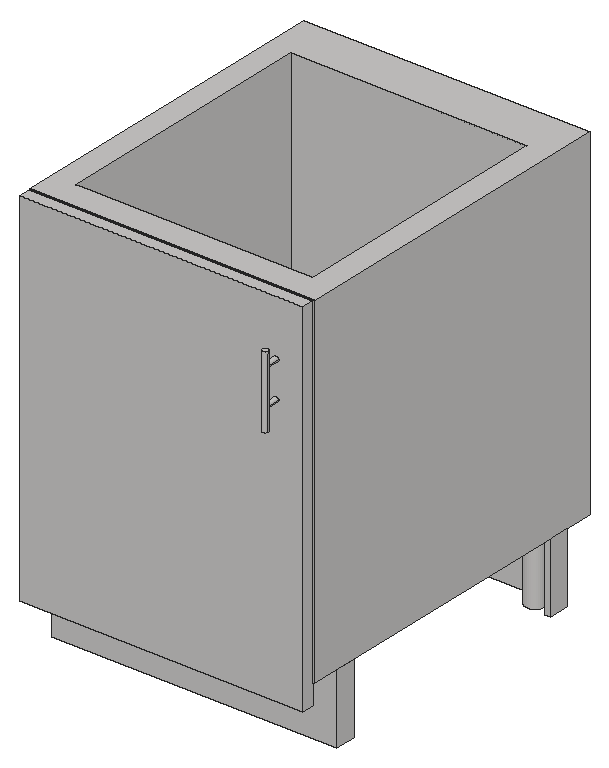
Revit family "Outdoor-Kitchen-Cabinets_Kalamazoo_Sink-Based-Cabinets_Signature1", category Specialty Equipment, Revit 2018
Family settings
  Round Connector Dimension = Use Diameter
  Part Type = Normal
  OmniClass Number = 23.40.40.11
  OmniClass Title = Specialized Food Storage and Display Furnishings
  Work Plane-Based = No
  Always vertical = Yes
  Cut with Voids When Loaded = No
  Shared = No
  Room Calculation Point = No
Parameters (values of type "K-SNK-24")
  Ι_Gnrc Mdl Optn 02 = Extension : -3/4"
  Ι_Gnrc Mdl Optn 01 = Extension : +3/4"
  Ι_Bttm_Prfl [instance] = if(Height Extension = Ι_Gnrc Mdl Optn 01, 5", if(Height Extension = Ι_Gnrc Mdl Optn 02, 3 1/2", 4 1/4"))  # 4 1/4"
  Width = 24"
  Weight (lb) = 215.00 lbf
  URL = "https://kalamazoogourmet.com/products/signature-24-inch-sink-base-cabinet-1-door-(sink-f/"
  Type Comments = ""
  Right Hinge [instance] = not(Left Hinge)  # no
  Product data url = "https://www.bimobject.com/en-us/kalamazoogourmet/product/signature-sink-base-cabinet"
  Product Material = Kalamazoo - Stainless Steel - 304 OR 316L
  Model = "K-SNK-24"
  Manufacturer = "Kalamazoo Outdoor Gourmet\r\n"  # constant formula
  Left Hinge [instance] = yes
  Keynote = "11400"
  I_K-SNK-30-36-39 = Width > 24"  # no
  I_K-SNK-24-L = not([I_K-SNK-30-36-39])  # yes
  Height Extension [instance] = Extension : None
  Height [instance] = 30 1/2" + Ι_Bttm_Prfl  # 34 3/4"
  Front Toe-Kick [instance] = yes
  Description = "Signature 24-inch Sink Base Cabinet"
  Depth = 30"  # constant formula
  Back Toe-Kick [instance] = yes
  Assembly Code = "E1090310"
Types (5): name | Width | Weight (lb) | URL | Model | I_K-SNK-30-36-39 | I_K-SNK-24-L | Description
  (no name) | 24" | 215.00 lbf | "https://kalamazoogourmet.com/products/signature-24-inch-sink-base-cabinet-1-door-(sink-f/" | "K-SNK-24" | no | yes | "Signature 24-inch Sink Base Cabinet"
  K-SNK-24 | 24" | 215.00 lbf | "https://kalamazoogourmet.com/products/signature-24-inch-sink-base-cabinet-1-door-(sink-f/" | "K-SNK-24" | no | yes | "Signature 24-inch Sink Base Cabinet"
  K-SNK-30 | 30" | 230.00 lbf | "https://kalamazoogourmet.com/products/signature-30-inch-sink-base-cabinet-2-doors-(sink/" | "K-SNK-30" | yes | no | "Signature 30-inch Sink Base Cabinet"
  K-SNK-36 | 36" | 245.00 lbf | "https://kalamazoogourmet.com/products/signature-36-inch-sink-base-cabinet-2-doors-(sink/" | "K-SNK-36" | yes | no | "Signature 36-inch Sink Base Cabinet"
  K-SNK-39 | 39" | 270.00 lbf | "https://kalamazoogourmet.com/products/signature-39-inch-sink-base-cabinet-2-doors-(sink/" | "K-SNK-39" | yes | no | "Signature 39-inch Sink Base Cabinet"
Reference planes (in)
  plane 1 "Center (Front/Back)": y = 0
  plane 2: z = 0
  plane 3 "Center (Left/Right)": x = 0
  plane 4: y = 30
  plane 5: x = 12
  plane 6: x = 9.952
  plane 7: y = 1
  plane 8: y = 3.41499
  plane 9: y = 28.7175
  plane 10: y = -1.3625
  plane 11: x = -9.952
  plane 12: x = -12
  plane 13: y = 1.11499
  plane 14: z = 4.25
  plane 15: z = 34.75
  plane 16: z = 5.9235
  plane 17: x = -11.9
  plane 18: x = 11.9
  plane 19: y = -0.8875
  plane 20: y = -1.125
  plane 21: x = -10.0145
  plane 22: x = 10.0145
  plane 23: y = 4.3565
  plane 24: y = 26.7575
  plane 25: z = 31.127
  plane 26: z = 25.09575
  plane 27: x = -0.069
  plane 28: x = 0.069
  plane 29: x = 2.32031
  plane 30: x = -2.32031
  plane 31: z = 30
  plane 32: z = 26.93828
  plane 33: x = -2.31899
  plane 34: x = 2.32031
  plane 35: z = 6.7735
  plane 36: y = 26
Forms (in)
  Extrusion 1, solid, material "Kalamazoo - Stainless Steel - 304 OR 316L" <- "Product Material"
    sketch origin (0, 0, 0) x (1, 0, 0) y (0, 1, 0)
      loop
        line (9.952, 1.11499) -> (12, 1.11499) -> (12, 30) -> (9.952, 30) -> (9.952, 1.11499)
      loop
        line (-12, 1.11499) -> (-9.952, 1.11499) -> (-9.952, 30) -> (-12, 30) -> (-12, 1.11499)
    from 5.9235 to 34.75
  Extrusion 2, solid, material "Kalamazoo - Stainless Steel - 304 OR 316L" <- "Product Material"
    sketch origin (0, 0, 0) x (1, 0, 0) y (0, 1, 0)
      loop
        line (-9.952, 30) -> (-9.952, 26) -> (9.952, 26) -> (9.952, 30) -> (-9.952, 30)
      loop
        line (-12, 3.41499) -> (-12, 1.11499) -> (12, 1.11499) -> (12, 3.41499) -> (-12, 3.41499)
    from 5.9235 to 34.75
  Extrusion 3, solid, material "Kalamazoo - Stainless Steel - 304 OR 316L" <- "Product Material"
    sketch origin (0, 0, 0) x (1, 0, 0) y (0, 1, 0)
      loop
        circle (-10.0145, 26.7575) r 0.8125
      loop
        circle (10.0145, 26.7575) r 0.8125
      loop
        circle (-10.0145, 4.3565) r 0.8125
      loop
        circle (10.0145, 4.3565) r 0.8125
    from 0 to 5.9235
  Extrusion 4, solid, material "Kalamazoo - Stainless Steel - 304 OR 316L" <- "Product Material", visible <- "I_K-SNK-24-L"
    sketch origin (0, 0, 0) x (1, 0, 0) y (0, 1, 0)
      loop
        line (-11.9, 1) -> (-11.9, 0) -> (11.9, 0) -> (11.9, 1) -> (-11.9, 1)
    from 4.25 to 34.75
  Extrusion 5, solid, material "Kalamazoo - Stainless Steel - 304 OR 316L" <- "Product Material", visible <- "I_K-SNK-30-36-39"
    sketch origin (0, 0, 0) x (1, 0, 0) y (0, 1, 0)
      loop
        line (-11.9, 1) -> (-11.9, 0) -> (-0.069, 0) -> (-0.069, 1) -> (-11.9, 1)
      loop
        line (0.069, 1) -> (0.069, 0) -> (11.9, 0) -> (11.9, 1) -> (0.069, 1)
    from 4.25 to 34.75
  Extrusion 6, solid, material "Kalamazoo - Stainless Steel - 304 OR 316L" <- "Product Material", visible <- "I_K-SNK-30-36-39", detail levels fine
    sketch origin (0, 0, 0) x (1, 0, 0) y (0, 0, 1)
      loop
        circle (2.32031, 30) r 0.2
      loop
        circle (-2.32031, 30) r 0.2
      loop
        circle (-2.32031, 26.93828) r 0.2
      loop
        circle (2.32031, 26.93828) r 0.2
    from 0 to 1.125
  Extrusion 7, solid, material "Kalamazoo - Stainless Steel - 304 OR 316L" <- "Product Material", visible <- "I_K-SNK-30-36-39", detail levels fine
    sketch origin (0, 0, 0) x (1, 0, 0) y (0, 1, 0)
      loop
        circle (-2.31899, -1.125) r 0.238
      loop
        circle (2.32031, -1.125) r 0.238
    from 25.09575 to 31.127
  Extrusion 8, solid, material "Kalamazoo - Stainless Steel - 304 OR 316L" <- "Product Material"
    sketch origin (0, 0, 0) x (1, 0, 0) y (0, 1, 0)
      loop
        line (-11.9, 1.11499) -> (-11.9, 1) -> (11.9, 1) -> (11.9, 1.11499) -> (-11.9, 1.11499)
    from 5.9235 to 34.75
  Extrusion 9, solid, material "Kalamazoo - Stainless Steel - 304 OR 316L" <- "Product Material"
    sketch origin (0, 0, 0) x (0, 1, 0) y (0, 0, 1)
      loop
        line (28.7175, 6.7735) -> (1.11499, 6.7735) -> (1.11499, 5.9235) -> (28.7175, 5.9235) -> (28.7175, 6.7735)
    from -9.952 to 9.952
  Extrusion 10, solid, material "Kalamazoo - Stainless Steel - 304 OR 316L", visible <- "Back Toe-Kick"
    sketch origin (0, 0, 0) x (1, 0, 0) y (0, 1, 0)
      loop
        line (-12, 27.63) -> (-12, 25.945) -> (-11.5, 25.945) -> (-11.5, 27.57) -> (11.5, 27.57) -> (11.5, 25.945) -> (12, 25.945) -> (12, 27.63) -> (-12, 27.63)
    from 0 to 5.9235
  Extrusion 11, solid, material "Kalamazoo - Stainless Steel - 304 OR 316L", visible <- "Front Toe-Kick"
    sketch origin (0, 0, 0) x (1, 0, 0) y (0, 1, 0)
      loop
        line (-12, 3.41499) -> (12, 3.41499) -> (12, 5.169) -> (11.5, 5.169) -> (11.5, 3.544) -> (-11.5, 3.544) -> (-11.5, 5.169) -> (-12, 5.169) -> (-12, 3.41499)
    from 0 to 5.9235
  Extrusion 12, void
    sketch origin (0, 0, 0) x (1, 0, 0) y (0, 1, 0)
      loop
        circle (-3.50463, 24.23675) r 1.25
      loop
        circle (-0.00811, 24.26067) r 1.25
      loop
        circle (3.49189, 24.26067) r 1.25
    from 0 to 12
Cuts and joins
  joined: Extrusion 6, Extrusion 7
  Extrusion 12 cuts Extrusion 9
  joined: Extrusion 1, Extrusion 2, Extrusion 9
Lines and regions (in)
  Masking region 1
    outline origin (0, 0, 0) x (1, 0, 0) y (0, 1, 0)
      loop
        line (-12, 30) -> (-12, 0) -> (12, 0) -> (12, 30) -> (-12, 30)
  symbolic lines, detail levels medium+fine
    curve 1: line (-9.952, 26, 0) -> (9.952, 26, 0)
    curve 2: line (-9.952, 3.41499, 0) -> (-9.952, 26, 0)
    curve 3: line (9.952, 3.41499, 0) -> (-9.952, 3.41499, 0)
    curve 4: line (9.952, 26, 0) -> (9.952, 3.41499, 0)
    curve 5: line (-12, 30, 0) -> (12, 30, 0)
    curve 6: line (-12, 1.19199, 0) -> (-12, 30, 0)
    curve 7: line (12, 1.19199, 0) -> (-12, 1.19199, 0)
    curve 8: line (12, 30, 0) -> (12, 1.19199, 0)
    curve 9: line (-11.919, 1.11499, 0) -> (11.881, 1.11499, 0)
    curve 10: line (-11.919, -0.02151, 0) -> (-11.919, 1.11499, 0)
    curve 11: line (11.881, -0.02151, 0) -> (-11.919, -0.02151, 0)
    curve 12: line (11.881, 1.11499, 0) -> (11.881, -0.02151, 0)
    curve 44: line (-9.952, 28.7175, 0) -> (9.952, 28.7175, 0)
    curve 45: line (-9.952, 26.107, 0) -> (-9.952, 28.7175, 0)
    curve 46: line (9.952, 26.107, 0) -> (-9.952, 26.107, 0)
    curve 47: line (9.952, 28.7175, 0) -> (9.952, 26.107, 0)
  symbolic lines, detail levels fine
    curve 13: circle (-3.50463, 24.23675, 0) r 1.25 normal (0, 0, 1)
    curve 14: circle (-0.00811, 24.26067, 0) r 1.25 normal (0, 0, 1)
    curve 15: circle (3.49189, 24.26067, 0) r 1.25 normal (0, 0, 1)
    curve 16: arc (-11.26038, 3.56475, 0) -> (-11.125, 4.18749, 0) -> (-11.26038, 4.81024, 0) r 1.5
    curve 17: arc (-11.26038, 4.81024, 0) -> (-11.45897, 5.03952, 0) -> (-11.75, 5.12499, 0) r 0.53819
    curve 18: arc (-11.75, 3.24999, 0) -> (-11.45897, 3.33547, 0) -> (-11.26038, 3.56475, 0) r 0.53819
    curve 19: line (-11.75, 3.24999, 0) -> (-11.893, 3.24999, 0)
    curve 20: line (-11.893, 3.24999, 0) -> (-12, 3.24999, 0)
    curve 21: line (-11.75, 5.12499, 0) -> (-11.893, 5.12499, 0)
    curve 22: line (-11.893, 5.12499, 0) -> (-12, 5.12499, 0)
    curve 23: line (-11.893, 27.865, 0) -> (-12, 27.865, 0)
    curve 24: line (-11.75, 27.865, 0) -> (-11.893, 27.865, 0)
    curve 25: arc (-11.26038, 27.55024, 0) -> (-11.45897, 27.77952, 0) -> (-11.75, 27.865, 0) r 0.53819
    curve 26: arc (-11.26038, 26.30476, 0) -> (-11.125, 26.9275, 0) -> (-11.26038, 27.55024, 0) r 1.5
    curve 27: arc (-11.75, 25.99, 0) -> (-11.45897, 26.07548, 0) -> (-11.26038, 26.30476, 0) r 0.53819
    curve 28: line (-11.75, 25.99, 0) -> (-11.893, 25.99, 0)
    curve 29: line (-11.893, 25.99, 0) -> (-12, 25.99, 0)
    curve 30: line (11.893, 27.865, 0) -> (12, 27.865, 0)
    curve 31: line (11.75, 27.865, 0) -> (11.893, 27.865, 0)
    curve 32: arc (11.75, 27.865, 0) -> (11.45897, 27.77952, 0) -> (11.26038, 27.55024, 0) r 0.53819
    curve 33: arc (11.26038, 27.55024, 0) -> (11.125, 26.9275, 0) -> (11.26038, 26.30476, 0) r 1.5
    curve 34: arc (11.26038, 26.30476, 0) -> (11.45897, 26.07548, 0) -> (11.75, 25.99, 0) r 0.53819
    curve 35: line (11.893, 25.99, 0) -> (12, 25.99, 0)
    curve 36: line (11.75, 25.99, 0) -> (11.893, 25.99, 0)
    curve 37: line (11.893, 5.12499, 0) -> (12, 5.12499, 0)
    curve 38: line (11.75, 5.12499, 0) -> (11.893, 5.12499, 0)
    curve 39: arc (11.75, 5.12499, 0) -> (11.45897, 5.03952, 0) -> (11.26038, 4.81024, 0) r 0.53819
    curve 40: arc (11.26038, 4.81024, 0) -> (11.125, 4.18749, 0) -> (11.26038, 3.56475, 0) r 1.5
    curve 41: arc (11.26038, 3.56475, 0) -> (11.45897, 3.33547, 0) -> (11.75, 3.24999, 0) r 0.53819
    curve 42: line (11.75, 3.24999, 0) -> (11.893, 3.24999, 0)
    curve 43: line (11.893, 3.24999, 0) -> (12, 3.24999, 0)
  symbolic lines, visible <- "I_K-SNK-30-36-39", detail levels fine
    curve 48: line (-2.519, 0, 0) -> (-2.519, -0.99599, 0)
    curve 49: line (-2.119, 0, 0) -> (-2.119, -0.99599, 0)
    curve 50: arc (-2.081, -1.125, 0) -> (-2.319, -0.887, 0) -> (-2.557, -1.125, 0) r 0.238
    curve 51: arc (-2.557, -1.125, 0) -> (-2.319, -1.363, 0) -> (-2.081, -1.125, 0) r 0.238
    curve 52: arc (2.081, -1.125, 0) -> (2.319, -1.363, 0) -> (2.557, -1.125, 0) r 0.238
    curve 53: arc (2.557, -1.125, 0) -> (2.319, -0.887, 0) -> (2.081, -1.125, 0) r 0.238
    curve 54: line (2.119, 0, 0) -> (2.119, -0.99599, 0)
    curve 55: line (2.519, 0, 0) -> (2.519, -0.99599, 0)
  symbolic lines, visible <- "I_K-SNK-30-36-39", detail levels medium+fine
    curve 56: line (-0.069, -0.02151, 0) -> (-0.069, 1.11499, 0)
    curve 57: line (0.069, 1.11499, 0) -> (0.069, -0.02151, 0)
Dimensions and locks (in)
  equal spacing: plane 12, plane 3 "Center (Left/Right)", plane 5
  "Width": plane 12 to plane 5
  "Depth": plane 1 "Center (Front/Back)" to plane 4
  locked: plane 1 "Center (Front/Back)" to plane 23 at 4.3565
  locked: plane 4 to plane 24 at 3.2425
  locked: plane 12 to plane 11 at 2.048
  locked: plane 6 to plane 5 at 2.048
  locked: plane 4 to plane 9 at 1.2825
  locked: plane 12 to plane 17 at 0.1
  locked: plane 18 to plane 5 at 0.1
  locked: plane 12 to plane 21 at 1.9855
  locked: plane 22 to plane 5 at 1.9855
  equal spacing: plane 27, plane 3 "Center (Left/Right)", plane 28
  plane 3 "Center (Left/Right)" to plane 29 = 2 41/128"
  plane 30 to plane 3 "Center (Left/Right)" = 2 41/128"
  locked: plane 33 to plane 3 "Center (Left/Right)" at 2.31899
  locked: plane 3 "Center (Left/Right)" to plane 34 at 2.32031
  locked: plane 31 to plane 15 at 4.75
  locked: plane 16 to plane 14 at 1.6735
  locked: plane 35 to plane 16 at 0.85
  locked: plane 15 to plane 25 at 3.623
  locked: plane 25 to plane 26 at 6.03125
  locked: plane 4 to plane 36 at 4
  Extrusion 10 sketch curve to Extrusion 10 sketch curve to plane 24 to Extrusion 10 sketch curve = 0.06" locked, 13/16" locked, 13/16" locked
  locked: Extrusion 10 sketch curve to plane 24 at 0.8125
  locked: plane 12 to Extrusion 11 sketch curve at 0.5
  Extrusion 11 sketch curve to plane 23 to Extrusion 11 sketch curve to Extrusion 11 sketch curve = 13/16" locked, 13/16" locked, 0.12901" locked
  locked: Extrusion 11 sketch curve to plane 23 at 0.8125
  locked: Extrusion 11 sketch curve to plane 5 at 0.5
  "Height": plane 15 to level
  "Ι_Bttm_Prfl": plane 14 to level
  locked: plane 15 to plane 32 at 7.81172
  aligned and locked: level to plane 2
  aligned and locked: Extrusion 1 sketch curve to plane 5
  aligned and locked: plane 6 to Extrusion 1 sketch curve
  aligned and locked: Extrusion 1 sketch curve to plane 13  (x2)
  aligned and locked: Extrusion 1 sketch curve to plane 4
  aligned and locked: plane 12 to Extrusion 1 sketch curve
  aligned and locked: Extrusion 1 sketch curve to plane 11
  aligned and locked: Extrusion 1 to plane 16
  aligned and locked: plane 15 to Extrusion 1
  aligned and locked: Extrusion 2 sketch curve to plane 4
  aligned and locked: Extrusion 2 to plane 16
  aligned and locked: plane 15 to Extrusion 2
  aligned and locked: plane 24 to Extrusion 3 sketch curve  (x2)
  aligned and locked: plane 21 to Extrusion 3 sketch curve  (x2)
  aligned and locked: plane 22 to Extrusion 3 sketch curve  (x2)
  aligned and locked: plane 23 to Extrusion 3 sketch curve  (x2)
  aligned and locked: plane 16 to Extrusion 3
  aligned and locked: Extrusion 3 to level
  aligned and locked: Masking region 1 sketch curve to plane 4
  aligned and locked: plane 12 to Masking region 1 sketch curve
  aligned and locked: Masking region 1 sketch curve to plane 5
  aligned and locked: plane 17 to Extrusion 4 sketch curve
  aligned and locked: Extrusion 4 sketch curve to plane 1 "Center (Front/Back)"
  aligned and locked: Extrusion 4 sketch curve to plane 18
  aligned and locked: Extrusion 4 to plane 14
  aligned and locked: plane 18 to Extrusion 4
  aligned and locked: Extrusion 4 to plane 17
  aligned and locked: plane 15 to Extrusion 4
  aligned and locked: plane 1 "Center (Front/Back)" to Extrusion 4
  aligned and locked: Extrusion 5 sketch curve to plane 27
  aligned and locked: plane 28 to Extrusion 5 sketch curve
  aligned and locked: plane 17 to Extrusion 5 sketch curve
  aligned and locked: Extrusion 5 sketch curve to plane 1 "Center (Front/Back)"  (x2)
  aligned and locked: Extrusion 5 sketch curve to plane 18
  aligned and locked: plane 18 to Extrusion 5
  aligned and locked: Extrusion 5 to plane 17
  aligned and locked: Extrusion 5 to plane 14
  aligned and locked: plane 15 to Extrusion 5
  aligned and locked: plane 29 to Extrusion 6 sketch curve  (x2)
  aligned and locked: plane 30 to Extrusion 6 sketch curve  (x2)
  aligned and locked: plane 31 to Extrusion 6 sketch curve  (x2)
  aligned and locked: plane 32 to Extrusion 6 sketch curve  (x2)
  aligned and locked: Extrusion 6 to plane 1 "Center (Front/Back)"
  aligned and locked: Extrusion 6 to plane 20
  aligned and locked: plane 33 to Extrusion 7 sketch curve
  aligned and locked: plane 20 to Extrusion 7 sketch curve  (x2)
  aligned and locked: plane 34 to Extrusion 7 sketch curve
  aligned and locked: plane 17 to Extrusion 8 sketch curve
  aligned and locked: plane 7 to Extrusion 8 sketch curve
  aligned and locked: Extrusion 8 sketch curve to plane 13
  aligned and locked: Extrusion 8 sketch curve to plane 18
  aligned and locked: Extrusion 8 to plane 16
  aligned and locked: Extrusion 8 to plane 7
  aligned and locked: plane 15 to Extrusion 8
  aligned and locked: plane 25 to Extrusion 7
  aligned and locked: Extrusion 7 to plane 26
  aligned and locked: Extrusion 4 sketch curve to plane 7
  aligned and locked: plane 6 to Extrusion 2 sketch curve
  aligned and locked: plane 11 to Extrusion 2 sketch curve
  aligned and locked: Extrusion 2 sketch curve to plane 5
  aligned and locked: plane 12 to Extrusion 2 sketch curve
  aligned and locked: plane 13 to Extrusion 2 sketch curve
  aligned and locked: Extrusion 2 sketch curve to plane 8
  aligned and locked: Extrusion 2 to plane 12
  aligned and locked: plane 5 to Extrusion 2
  aligned and locked: plane 16 to Extrusion 8
  aligned and locked: Extrusion 9 sketch curve to plane 9
  aligned and locked: plane 16 to Extrusion 9 sketch curve
  aligned and locked: plane 13 to Extrusion 9 sketch curve
  aligned and locked: Extrusion 9 sketch curve to plane 35
  aligned and locked: plane 9 to Extrusion 9
  aligned and locked: Extrusion 9 to plane 11
  aligned and locked: Extrusion 9 to plane 9
  aligned and locked: plane 6 to Extrusion 9
  aligned and locked: plane 36 to Extrusion 2 sketch curve
  aligned and locked: plane 16 to Extrusion 10
  aligned and locked: Extrusion 10 to plane 2
  aligned and locked: plane 12 to Extrusion 11 sketch curve
  aligned and locked: plane 16 to Extrusion 11
  aligned and locked: Extrusion 11 to plane 2
  aligned and locked: plane 3 "Center (Left/Right)" to nested 1
  aligned and locked: nested 1 to plane 26
  aligned and locked: plane 1 "Center (Front/Back)" to nested 1
  aligned and locked: plane 5 to Extrusion 11 sketch curve
  aligned and locked: Extrusion 12 sketch curve to curve 13
  aligned and locked: Extrusion 12 sketch curve to curve 14
  aligned and locked: Extrusion 12 sketch curve to curve 15
  aligned and locked: Masking region 1 sketch curve to plane 1 "Center (Front/Back)"
Automatic sketch dimensions
  curve 20 to plane 12 = 0"
  curve 9 to plane 13 = 0"
  curve 45 to plane 9 = 0"
  curve 51 to plane 20 = 0"
  plane 1 "Center (Front/Back)" to curve 48 = 0"
  plane 1 "Center (Front/Back)" to curve 49 = 0"
  curve 53 to plane 20 = 0"
  plane 1 "Center (Front/Back)" to curve 54 = 0"
  plane 1 "Center (Front/Back)" to curve 55 = 0"
  curve 5 to plane 4 = 0"
  plane 24 to curve 26 = 0.17"
  curve 26 to plane 12 = 5/8"
  curve 16 to plane 23 = 0.16901"
  curve 16 to plane 12 = 5/8"
  curve 9 to plane 17 = 0.019"
  plane 17 to curve 21 = 0.007"
  plane 17 to curve 23 = 0.007"
  plane 17 to curve 20 = 0.007"
  plane 17 to curve 28 = 0.007"
  plane 17 to curve 27 = 0.15"
  curve 23 to curve 24 = 0.143"
  curve 21 to curve 21 = 0.143"
  curve 19 to curve 19 = 0.143"
  plane 11 to curve 46 = 0"
  plane 8 to curve 3 = 0"
  plane 11 to curve 3 = 0"
  curve 13 to plane 3 "Center (Left/Right)" = 3.50463"
  curve 50 to plane 3 "Center (Left/Right)" = 2.319"
  curve 14 to plane 3 "Center (Left/Right)" = 0.00811"
  plane 3 "Center (Left/Right)" to curve 53 = 2.319"
  curve 15 to plane 36 = 1.73933"
  plane 3 "Center (Left/Right)" to curve 15 = 3.49189"
  plane 6 to curve 44 = 0"
  plane 6 to curve 4 = 0"
  curve 31 to plane 18 = 0.15"
  curve 38 to plane 18 = 0.15"
  curve 36 to plane 36 = 0.01"
  curve 36 to plane 18 = 0.15"
  curve 42 to plane 18 = 0.15"
  curve 9 to plane 18 = 0.019"
  curve 42 to plane 18 = 0.007"
  curve 36 to plane 18 = 0.007"
  curve 31 to plane 18 = 0.007"
  curve 37 to plane 18 = 0.007"
  plane 5 to curve 8 = 0"
  plane 24 to curve 33 = 0.17"
  plane 5 to curve 33 = 5/8"
  curve 40 to plane 23 = 0.16901"
  plane 5 to curve 40 = 5/8"
  plane 1 "Center (Front/Back)" to curve 11 = 0.02151"
  plane 13 to curve 7 = 0.077"
  curve 42 to plane 8 = 0.165"
  curve 20 to plane 8 = 0.165"
  plane 8 to curve 41 = 0.37319"
  plane 8 to curve 18 = 0.37319"
  plane 23 to curve 39 = 0.2303"
  plane 23 to curve 17 = 0.2303"
  curve 39 to curve 38 = 0.53819"
  curve 17 to curve 21 = 0.53819"
  curve 13 to plane 36 = 1.76324"
  curve 14 to plane 36 = 1.73933"
  curve 28 to plane 36 = 0.01"
  plane 36 to curve 4 = 0"
  curve 1 to curve 47 = 0.107"
  curve 27 to plane 24 = 0.22931"
  curve 34 to plane 24 = 0.22931"
  plane 24 to curve 32 = 0.5693"
  plane 24 to curve 25 = 0.5693"
  curve 32 to curve 30 = 0.53819"
  curve 25 to curve 23 = 0.53819"
  curve 26 to curve 27 = 0"
  curve 16 to curve 17 = 0"
  curve 51 to curve 50 = 0.238"
  curve 48 to plane 19 = 0.10849"
  curve 48 to curve 49 = 0.4"
  curve 56 to plane 3 "Center (Left/Right)" = 0.069"
  plane 3 "Center (Left/Right)" to curve 57 = 0.069"
  curve 53 to curve 52 = 0.238"
  curve 52 to curve 54 = 0.038"
  curve 54 to curve 55 = 0.4"
  curve 33 to curve 32 = 0"
  curve 40 to curve 39 = 0"
  Extrusion 1 sketch curve to plane 4 = 0"
  Extrusion 5 sketch curve to plane 7 = 0"  (x2)
  Extrusion 10 sketch curve to plane 12 = 0"
  plane 17 to Extrusion 10 sketch curve = 0.4"
  Extrusion 10 sketch curve to plane 18 = 0.4"
  plane 5 to Extrusion 10 sketch curve = 0"
  radius of curve 13 = 1 1/4"
  radius of curve 14 = 1 1/4"
  radius of curve 15 = 1 1/4"
  radius of Extrusion 3 sketch curve = 13/16"  (x4)
  radius of Extrusion 7 sketch curve = 0.238"  (x2)
  radius of Extrusion 6 sketch curve = 0.2"  (x4)
Nested families (in)
  nested 1: "Hinges" at (0, 0, 0.7155), visible <- "I_K-SNK-24-L", type "Left"
Definition of nested family "Hinges"
  Parameters (values of type "Left")
    Right Handle = yes
    Product Material = none
    Left Handle = no
  Types (2): name
    Left
    Right
  Reference planes (in)
    plane 1 "Center (Front/Back)": y = 0
    plane 2: z = 0
    plane 3 "Center (Left/Right)": x = 0
    plane 4: x = 9.631
    plane 5: y = -1.11936
    plane 6: z = 26.22278
    plane 7: z = 29.2845
    plane 8: x = 9.631
    plane 9: x = -9.631
    plane 10: y = -1.11936
    plane 11: z = 26.22278
    plane 12: z = 29.2845
    plane 13: x = -9.631
  Forms (in)
    Extrusion 1, solid, material <- "Product Material", visible <- "Right Handle", detail levels fine
      sketch origin (0, 0, 0) x (1, 0, 0) y (0, 1, 0)
        loop
          circle (9.631, -1.11936) r 0.2375
      from 24.38025 to 30.4115
    Extrusion 2, solid, material <- "Product Material", visible <- "Right Handle", detail levels fine
      sketch origin (0, 0, 0) x (1, 0, 0) y (0, 0, 1)
        loop
          circle (9.631, 29.2845) r 0.2
        loop
          circle (9.631, 26.22278) r 0.2
      from 0 to 1.125
    Extrusion 3, solid, material <- "Product Material", visible <- "Left Handle", detail levels fine
      sketch origin (0, 0, 0) x (-1, 0, 0) y (0, -1, 0)
        loop
          circle (9.631, 1.11936) r 0.2375
      from 24.38025 to 30.4115
    Extrusion 4, solid, material <- "Product Material", visible <- "Left Handle", detail levels fine
      sketch origin (0, 0, 0) x (-1, 0, 0) y (0, 0, -1)
        loop
          circle (9.631, -29.2845) r 0.2
        loop
          circle (9.631, -26.22278) r 0.2
      from 0 to 1.125
  Lines and regions (in)
    Masking region 1, visible <- "Right Handle", detail levels fine
      outline origin (0, 0, 0) x (1, 0, 0) y (0, 1, 0)
        loop
          arc (9.431, -0.99127) -> (9.631, -1.35686) -> (9.831, -0.99127) r 0.2375
          line (9.831, -0.99127) -> (9.831, 0) -> (9.431, 0) -> (9.431, -0.99127)
    Masking region 2, visible <- "Left Handle", detail levels fine
      outline origin (0, 0, 0) x (1, 0, 0) y (0, 1, 0)
        loop
          arc (-9.831, -0.99127) -> (-9.631, -1.35686) -> (-9.431, -0.99127) r 0.2375
          line (-9.431, -0.99127) -> (-9.431, 0) -> (-9.831, 0) -> (-9.831, -0.99127)
  Dimensions and locks (in)
    aligned and locked: level to plane 2
    aligned and locked: plane 7 to Extrusion 2 sketch curve
    aligned and locked: plane 6 to Extrusion 2 sketch curve
    aligned and locked: plane 5 to Extrusion 1 sketch curve
    aligned and locked: plane 8 to Extrusion 2 sketch curve  (x2)
    aligned and locked: plane 4 to Extrusion 1 sketch curve
    aligned and locked: plane 12 to Extrusion 4 sketch curve
    aligned and locked: plane 11 to Extrusion 4 sketch curve
    aligned and locked: Extrusion 3 sketch curve to plane 10
    aligned and locked: plane 13 to Extrusion 4 sketch curve  (x2)
    aligned and locked: plane 9 to Extrusion 3 sketch curve
    aligned and locked: Masking region 1 sketch curve to Extrusion 1
    aligned and locked: Masking region 1 sketch curve to Extrusion 2
    aligned and locked: Masking region 2 sketch curve to Extrusion 3
    aligned and locked: Masking region 2 sketch curve to Extrusion 4
